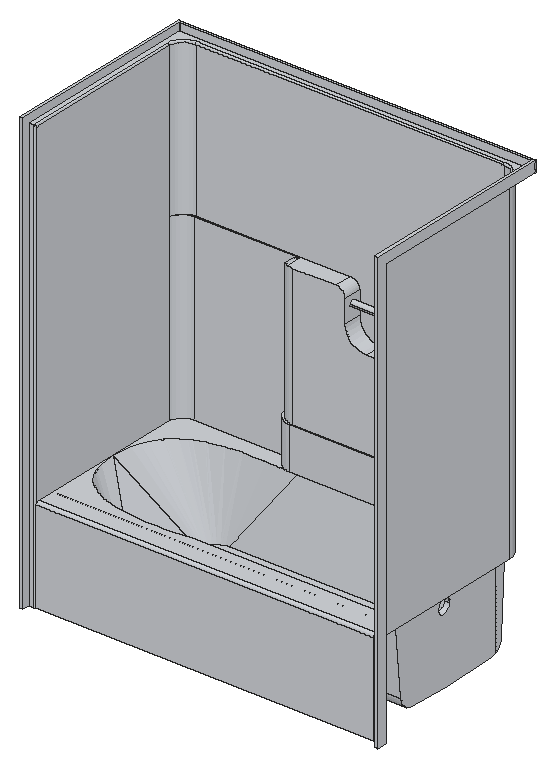
Revit family "OASIS TS-6032 STD", category Plumbing Fixtures, Revit 2013
Parameters (values of type "Base Model, 3SF, 3SM, & FH packages")
  Width [instance] = 5' - 0"
  Waste Connection = no
  URL = "www.oasisbath.com"
  Type Comments = "TUB/SHOWER"  # constant formula
  Stainless Steel = none
  Seat Finish = none
  Sanitary Connector = "Sanitary Connector"  # constant formula
  Product Documentation Link [instance] = "www.oasisbath.com"
  Model = "TS-6032 STD/(3SF,3SM,FH)"
  Manufacturer = "OASIS"  # constant formula
  Hot Water Connector = "Hot Water Connector"  # constant formula
  Grab Bar Finish = none
  Depth [instance] = 2' - 9 1/4"
  Height [instance] = 6' - 1 3/4"
  Color = none
  Cold Water Connector = "Cold Water Connector"  # constant formula
  Bar_Vert = no
  Bar_Horz_Right = no
  Bar_Horz_Left = no
  Bar_Horz_Back_Low = no
  Bar_Horz_Back_High = no
  BIM Model By = "www.epoch-design.com"
Types (5): name | Model | Bar_Vert | Bar_Horz_Right | Bar_Horz_Left | Bar_Horz_Back_Low | Bar_Horz_Back_High
  Base Model, 3SF, 3SM, & FH packages | "TS-6032 STD/(3SF,3SM,FH)" | no | no | no | no | no
  4BAR package | "TS-6032 STD/4BAR" | no | yes | yes | yes | yes
  5BAR package | "TS-6032 STD/5BAR" | yes | yes | yes | yes | yes
  BP1-60 package | "TS-6032 STD/BP1-60" | no | yes | no | no | yes
  BP2-60 package | "TS-6032 STD/BP2-60" | yes | yes | no | no | yes
Reference planes (in)
  plane 1 "Floor": z = 0
  plane 2 "Center (Left/Right)": x = 0
  plane 3 "Back": y = 0
Forms (in)
  Blend 1, void
    base sketch origin (0, 0, 1.75) x (-1, 0, 0) y (0, -1, 0)
      loop
        line (19.370219, 9.375) -> (19.370219, 22.5016453)
        arc (19.370219, 22.5016453) -> (18.4915393, 24.6229657) -> (16.370219, 25.5016453) r 3
        line (16.370219, 25.5016453) -> (-22.625, 25.5016453)
        arc (-22.625, 25.5016453) -> (-24.7463203, 24.6229657) -> (-25.625, 22.5016453) r 3
        line (-25.625, 22.5016453) -> (-25.625, 9.375)
        arc (-25.625, 9.375) -> (-24.7463203, 7.2536797) -> (-22.625, 6.375) r 3
        line (-22.625, 6.375) -> (16.370219, 6.375)
        arc (16.370219, 6.375) -> (18.4915393, 7.2536797) -> (19.370219, 9.375) r 3
    top sketch origin (0, 0, 16) x (-1, 0, 0) y (0, -1, 0)
      loop
        spline (6.0306169, 5) -> (9.923935, 4.7916145) -> (12.9795548, 4.6981017) -> (15.3871086, 4.7252449) -> (17.3362286, 4.8788275) -> (19.0165473, 5.1646326) -> (20.6176968, 5.5884435) -> (22.3008574, 6.1681497) -> (24.0123435, 7.0130654) -> (25.6003412, 8.2742581) -> (26.9125328, 10.1030096) -> (27.7966012, 12.6506016) -> (28.1002287, 16.0683157)
        spline (28.1002287, 16.0683157) -> (27.8193893, 19.0057558) -> (27.0499586, 21.2925733) -> (25.901568, 23.0338683) -> (24.4838487, 24.334741) -> (22.9064322, 25.3002914) -> (21.2764388, 26.0345227) -> (19.6010443, 26.597768) -> (17.7562271, 26.9930353) -> (15.6090585, 27.2194406) -> (13.0266101, 27.2760999) -> (9.8759531, 27.1621295) -> (6.0241589, 26.8766453)
        line (6.0241589, 26.8766453) -> (-25.5, 26.8766453)
        arc (-25.5, 26.8766453) -> (-27.267767, 26.1444123) -> (-28, 24.3766453) r 2.5
        line (-28, 24.3766453) -> (-28, 6.5)
        arc (-28, 6.5) -> (-27.5606602, 5.4393398) -> (-26.5, 5) r 1.5
        line (-26.5, 5) -> (6.0306169, 5)
    from 0.5 to 0
  Extrusion 2, solid, detail levels medium+fine
    sketch origin (0, 0, 0) x (1, 0, 0) y (0, 1, 0)
      loop
        line (28.375, -32) -> (28.375, -6.4919097) -> (28.375, -4.125)
        arc (28.375, -4.125) -> (27.642767, -2.357233) -> (25.875, -1.625) r 2.5
        line (25.875, -1.625) -> (-25.870219, -1.625)
        arc (-25.870219, -1.625) -> (-27.6379859, -2.357233) -> (-28.370219, -4.125) r 2.5
        line (-28.370219, -4.125) -> (-28.370219, -32) -> (28.375, -32)
    from 0 to 16
  Extrusion 3, solid, detail levels medium+fine
    sketch origin (0, 0, 0) x (1, 0, 0) y (0, 1, 0)
      loop
        arc (-28.370219, -4.125) -> (-27.6379859, -2.357233) -> (-25.870219, -1.625) r 2.5
        line (-25.870219, -1.625) -> (25.875, -1.625)
        arc (25.875, -1.625) -> (27.642767, -2.357233) -> (28.375, -4.125) r 2.5
        line (28.375, -4.125) -> (28.375, -6.4919097) -> (28.375, -31.75)
        arc (28.375, -31.75) -> (28.4482233, -31.9267767) -> (28.625, -32) r 0.25
        line (28.625, -32) -> (29.5, -32) -> (29.5, -33.25) -> (30, -33.25) -> (30, -31.5) -> (28.875, -31.5) -> (28.875, -4.125)
        arc (28.875, -4.125) -> (27.9963203, -2.0036797) -> (25.875, -1.125) r 3
        line (25.875, -1.125) -> (-25.875, -1.125)
        arc (-25.875, -1.125) -> (-27.9963203, -2.0036797) -> (-28.875, -4.125) r 3
        line (-28.875, -4.125) -> (-28.875, -31.5) -> (-30, -31.5) -> (-30, -33.25) -> (-29.5, -33.25) -> (-29.5, -32) -> (-28.620219, -32)
        arc (-28.620219, -32) -> (-28.4434423, -31.9267767) -> (-28.370219, -31.75) r 0.25
        line (-28.370219, -31.75) -> (-28.370219, -4.125)
    from 0 to 72.5
  Extrusion 4, solid, detail levels medium+fine
    sketch origin (0, 0, 72.5) x (-1, 0, 0) y (0, -1, 0)
      loop
        line (30, 33.25) -> (29.5, 33.25) -> (29.5, 0.625)
        arc (29.5, 0.625) -> (29.4633883, 0.5366117) -> (29.375, 0.5) r 0.125
        line (29.375, 0.5) -> (-29.375, 0.5)
        arc (-29.375, 0.5) -> (-29.4633883, 0.5366117) -> (-29.5, 0.625) r 0.125
        line (-29.5, 0.625) -> (-29.5, 33.25) -> (-30, 33.25) -> (-30, 0.25)
        arc (-30, 0.25) -> (-29.9267767, 0.0732233) -> (-29.75, 0) r 0.25
        line (-29.75, 0) -> (29.75, 0)
        arc (29.75, 0) -> (29.9267767, 0.0732233) -> (30, 0.25) r 0.25
        line (30, 0.25) -> (30, 33.25)
    from 0 to 1.25
  Sweep 5, void
    path origin (0, 0, 72.5) x (-1, 0, 0) y (0, -1, 0)
      loop
        line (28.370219, 32) -> (28.370219, 4.125)
        arc (28.370219, 4.125) -> (27.6379859, 2.357233) -> (25.870219, 1.625) r 2.5
        line (25.870219, 1.625) -> (-25.875, 1.625)
        arc (-25.875, 1.625) -> (-27.642767, 2.357233) -> (-28.375, 4.125) r 2.5
        line (-28.375, 4.125) -> (-28.375, 6.5050576) -> (-28.375, 32)
    profile origin (-28.370219, -18.0625, 72.5) x (-1, 0, 0) y (0, 0, 1)
      loop
        line (0, 0) -> (0, -0.25)
        arc (0, -0.25) -> (0.0732233, -0.0732233) -> (0.25, 0) r 0.25
        line (0.25, 0) -> (0, 0)
  Extrusion 6, solid, detail levels medium+fine
    sketch origin (0, 0, 72.5) x (-1, 0, 0) y (0, -1, 0)
      loop
        line (28.875, 31.5) -> (28.875, 4.125)
        arc (28.875, 4.125) -> (27.9963203, 2.0036797) -> (25.875, 1.125) r 3
        line (25.875, 1.125) -> (-25.875, 1.125)
        arc (-25.875, 1.125) -> (-27.9963203, 2.0036797) -> (-28.875, 4.125) r 3
        line (-28.875, 4.125) -> (-28.875, 31.5) -> (-30, 31.5) -> (-30, 0.25)
        arc (-30, 0.25) -> (-29.9267767, 0.0732233) -> (-29.75, 0) r 0.25
        line (-29.75, 0) -> (29.75, 0)
        arc (29.75, 0) -> (29.9267767, 0.0732233) -> (30, 0.25) r 0.25
        line (30, 0.25) -> (30, 31.5) -> (28.875, 31.5)
    from 0 to -0.5
  Extrusion 7, solid, detail levels medium+fine
    sketch origin (0, -1.625, 0) x (1, 0, 0) y (0, 0, 1)
      loop
        line (28.375, 53.125) -> (13.375, 53.125)
        arc (13.375, 53.125) -> (12.8446699, 52.9053301) -> (12.625, 52.375) r 0.75
        line (12.625, 52.375) -> (12.625, 41.25)
        arc (12.625, 41.25) -> (11.5998737, 38.7751263) -> (9.125, 37.75) r 3.5
        line (9.125, 37.75) -> (5.125, 37.75)
        arc (5.125, 37.75) -> (2.6501263, 38.7751263) -> (1.625, 41.25) r 3.5
        line (1.625, 41.25) -> (1.625, 45)
        arc (1.625, 45) -> (1.1856602, 46.0606602) -> (0.125, 46.5) r 1.5
        line (0.125, 46.5) -> (-8.1265345, 46.5)
        arc (-8.1265345, 46.5) -> (-9.3628863, 45.9878863) -> (-9.875, 44.7515345) r 1.7484655
        line (-9.875, 44.7515345) -> (-9.875, 23) -> (28.375, 23) -> (28.375, 53.125)
    from 0 to 3
  Extrusion 8, solid, detail levels medium+fine
    sketch origin (0, -1.625, 0) x (1, 0, 0) y (0, 0, 1)
      loop
        line (-10.25, 23) -> (-10.25, 16) -> (28.375, 16) -> (28.375, 23) -> (-10.25, 23)
    from 0 to 3.375
  Extrusion 9, void
    sketch origin (0, 0, 16) x (-1, 0, 0) y (0, -1, 0)
      loop
        line (-28.375, 4.125) -> (-28.375, 1.625) -> (-25.875, 1.625)
        arc (-25.875, 1.625) -> (-27.642767, 2.357233) -> (-28.375, 4.125) r 2.5
    from 0 to 37.125
  Extrusion 10, void
    sketch origin (0, 0, 16) x (-1, 0, 0) y (0, -1, 0)
      loop
        arc (7.125, 4.625) -> (9.0695436, 3.8195436) -> (9.875, 1.875) r 2.75
        line (9.875, 1.875) -> (9.875, 4.625) -> (7.125, 4.625)
    from 7 to 30.5
  Extrusion 11, void
    sketch origin (0, 0, 16) x (-1, 0, 0) y (0, -1, 0)
      loop
        line (10.25, 2.1265019) -> (10.25, 5) -> (7.3765019, 5)
        arc (7.3765019, 5) -> (9.4083719, 4.1583719) -> (10.25, 2.1265019) r 2.8734981
    from 0 to 7
  Extrusion 12, solid, detail levels medium+fine
    sketch origin (0, 0, 16) x (-1, 0, 0) y (0, -1, 0)
      loop
        line (7.875, 1.625) -> (25.870219, 1.625)
        arc (25.870219, 1.625) -> (27.6379859, 2.357233) -> (28.370219, 4.125) r 2.5
        arc (28.370219, 4.125) -> (27.4661888, 2.59996) -> (25.7979365, 2) r 2.6193557
        line (25.7979365, 2) -> (7.875, 2) -> (7.875, 1.625)
    from 0 to 30.5
  Sweep 13, solid, detail levels fine
    path origin (0, 0, 43.75) x (-1, 0, 0) y (0, -1, 0)
      loop
        line (-1.4576168, 3.125) -> (-12.5687353, 3.125)
    profile origin (7.013176, -3.125, 43.75) x (0, 1, 0) y (0, 0, 1)
      loop
        circle (0, 0) r 0.5
  Extrusion 14, void
    sketch origin (-29.9999655, 0, 0) x (0, 1, 0) y (0, 0, 1)
      loop
        line (-31.5, 0) -> (0, 0) -> (0, 15.25) -> (-4.7916071, 15.25) -> (-5.4398399, 3.8795499)
        arc (-5.4398399, 3.8795499) -> (-6.1136778, 2.3983613) -> (-7.6100309, 1.7589046) r 2.25
        line (-7.6100309, 1.7589046) -> (-17.2055364, 1.4339149) -> (-24.2174004, 1.760492)
        arc (-24.2174004, 1.760492) -> (-25.6677778, 2.3819265) -> (-26.3533663, 3.8031036) r 2.25
        line (-26.3533663, 3.8031036) -> (-27.3796301, 15.0227724)
        arc (-27.3796301, 15.0227724) -> (-27.4600576, 15.1846525) -> (-27.6285908, 15.25) r 0.25
        line (-27.6285908, 15.25) -> (-31.5, 15.25) -> (-31.5, 0)
    from 0 to 59.9999311
  Extrusion 15, void
    sketch origin (-29.9999655, 0, 0) x (0, 1, 0) y (0, 0, 1)
      loop
        line (-31.6112695, 15.25) -> (-31.6112695, 0) -> (0, 0) -> (0, 15.25) -> (-31.6112695, 15.25)
    from 0 to 4.5
  Extrusion 16, void
    sketch origin (29.9999655, 0, 0) x (0, 1, 0) y (0, 0, 1)
      loop
        line (-31.6112695, 0) -> (-1.5614358, 0) -> (-1.3961296, 15.25) -> (-31.6112695, 15.25) -> (-31.6112695, 0)
    from 0 to -4.0116004
  Extrusion 17, void
    sketch origin (28.375, 0, 0) x (0, 1, 0) y (0, 0, 1)
      loop
        line (-32, 16) -> (-32, 15.5)
        arc (-32, 15.5) -> (-31.8535534, 15.8535534) -> (-31.5, 16) r 0.5
        line (-31.5, 16) -> (-32, 16)
    from 0 to -56.75
  Extrusion 18, void
    sketch origin (0, 0, 1.75) x (-1, 0, 0) y (0, -1, 0)
      loop
        circle (-20.9134414, 17.375) r 1
    from 0.5 to -0.3160851
  Extrusion 19, void
    sketch origin (28.375, 0, 0) x (0, 1, 0) y (0, 0, 1)
      loop
        circle (-17.375, 13.75) r 1.25
    from 0 to -1.1498044
  Extrusion 20, solid, detail levels coarse
    sketch origin (0, 0, 1.75) x (-1, 0, 0) y (0, -1, 0)
      loop
        line (29.9999655, 0) -> (29.9999655, 33.25) -> (-29.9999655, 33.25) -> (-29.9999655, 0) -> (29.9999655, 0)
    from -1.75 to 72
Cuts and joins
  Blend 1, Extrusion 10, Extrusion 14, Extrusion 17, Extrusion 18, Extrusion 19 cuts Extrusion 2
  Sweep 5, Extrusion 10, Extrusion 14, Extrusion 15, Extrusion 16 cuts Extrusion 3
  Extrusion 10, Extrusion 15 cuts Extrusion 4
  Extrusion 10, Extrusion 15 cuts Extrusion 6
  Extrusion 9, Extrusion 10, Extrusion 15 cuts Extrusion 7
  Extrusion 9, Extrusion 10, Extrusion 11, Extrusion 15 cuts Extrusion 8
  Extrusion 15 cuts Extrusion 12
  joined: Extrusion 3, Extrusion 4, Extrusion 6, Extrusion 7, Extrusion 8, Extrusion 12
Lines and regions (in)
  symbolic lines, detail levels medium+fine
    curve 1: line (22.625, -6.375, 0) -> (-16.370219, -6.375, 0)
    curve 2: line (-16.370219, -25.5016453, 0) -> (22.625, -25.5016453, 0)
    curve 3: line (25.625, -22.5016453, 0) -> (25.625, -9.375, 0)
    curve 9: line (-19.370219, -9.375, 0) -> (-19.370219, -22.5016453, 0)
    curve 10: arc (-19.370219, -9.375, 0) -> (-18.4915393, -7.2536797, 0) -> (-16.370219, -6.375, 0) r 3
    curve 11: arc (-19.370219, -22.5016453, 0) -> (-18.4915393, -24.6229657, 0) -> (-16.370219, -25.5016453, 0) r 3
    curve 12: arc (22.625, -6.375, 0) -> (24.7463203, -7.2536797, 0) -> (25.625, -9.375, 0) r 3
    curve 13: arc (25.625, -22.5016453, 0) -> (24.7463203, -24.6229657, 0) -> (22.625, -25.5016453, 0) r 3
    curve 14: line (-25.870219, -1.625, 0) -> (25.875, -1.625, 0)
    curve 15: line (-28.370219, -32, 0) -> (-28.370219, -4.125, 0)
    curve 16: line (28.375, -32, 0) -> (28.375, -6.2419097, 0)
    curve 17: arc (-28.370219, -4.125, 0) -> (-27.6379859, -2.357233, 0) -> (-25.870219, -1.625, 0) r 2.5
    curve 18: arc (25.875, -1.625, 0) -> (27.642767, -2.357233, 0) -> (28.375, -4.125, 0) r 2.5
    curve 19: line (-6.0241589, -26.8766453, 0) -> (25.5, -26.8766453, 0)
    curve 20: line (-6.0306169, -5, 0) -> (26.5, -5, 0)
    curve 21: line (28, -6.5, 0) -> (28, -24.3766453, 0)
    curve 23: arc (26.5, -5, 0) -> (27.5606602, -5.4393398, 0) -> (28, -6.5, 0) r 1.5
    curve 24: line (-29.5, -0.5, 0) -> (29.5, -0.5, 0)
    curve 25: line (-29.5, -33.25, 0) -> (-29.5, -0.5, 0)
    curve 26: line (28.375, -32, 0) -> (-28.370219, -32, 0)
    curve 27: line (29.5, -0.5, 0) -> (29.5, -33.25, 0)
    curve 31: line (30, -33.25, 0) -> (29.5, -33.25, 0)
    curve 32: line (-30, -33.25, 0) -> (-29.5, -33.25, 0)
    curve 33: line (-6.0306169, -5, 0) -> (-28.1002287, -16.0683157, 0)
    curve 34: line (-6.0241589, -26.8766453, 0) -> (-28.1002287, -16.0683157, 0)
    curve 35: arc (25.5, -26.8766453, 0) -> (27.267767, -26.1444123, 0) -> (28, -24.3766453, 0) r 2.5
    curve 36: circle (20.9014237, -17.375, 0) r 1 normal (0, 0, 1)
    curve 37: spline (27.2371319, -18.625, 0) -> (27.3294638, -18.5824073, 0) -> (27.4155034, -18.4575318, 0) -> (27.4893873, -18.2588835, 0) -> (27.5460804, -18, 0) -> (27.5817192, -17.6985238, 0) -> (27.5938749, -17.375, 0) -> (27.5817192, -17.0514762, 0) -> (27.5460804, -16.75, 0) -> (27.4893873, -16.4911165, 0) -> (27.4155034, -16.2924682, 0) -> (27.3294638, -16.1675927, 0) -> (27.2371319, -16.125, 0) -> (27.1448, -16.1675927, 0) -> (27.0587604, -16.2924682, 0) -> (26.9848765, -16.4911165, 0) -> (26.9281834, -16.75, 0) -> (26.8925446, -17.0514762, 0) -> (26.8803889, -17.375, 0) -> (26.8925446, -17.6985238, 0) -> (26.9281834, -18, 0) -> (26.9848765, -18.2588835, 0) -> (27.0587604, -18.4575318, 0) -> (27.1448, -18.5824073, 0) -> (27.2371319, -18.625, 0)
    curve 38: line (28.375, -4.125, 0) -> (28.375, -6.2419097, 0)
    curve 41: line (29.9999655, 0, 73.75) -> (29.9999655, 0, 72.5)
    curve 42: line (29.9999655, -0.7755539, 72.5) -> (29.9999655, -32, 72.5)
    curve 43: line (29.9999655, -32, 72.5) -> (29.9999655, -32, 0)
    curve 44: line (29.9999655, -32, 0) -> (29.9999655, -33.25, 0)
    curve 45: line (29.9999655, -5.5000672, 16) -> (29.9999655, -27.6285908, 16)
    curve 48: line (29.9999655, -6.1886241, 3.9222383) -> (29.9999655, -5.5000672, 16)
    curve 49: line (29.9999655, -0.7755539, 72.5) -> (29.9999655, -1.3879998, 16)
    curve 50: line (29.9999655, -25.6064842, 3.8714209) -> (29.9999655, -26.6327481, 15.0910898)
    curve 53: line (29.9999655, -1.3879998, 16) -> (29.9999655, -5.5000672, 16)
    curve 54: line (29.9999655, -15.4577697, 1.75) -> (29.9999655, -17.7425122, 1.75)
    curve 55: line (29.9999655, -18.224708, 2.2321958) -> (29.9999655, -17.7425122, 1.75)
    curve 56: line (29.9999655, -14.946928, 2.2608416) -> (29.9999655, -15.4577697, 1.75)
    curve 57: line (29.9999655, -7.6354181, 2.5084748) -> (29.9999655, -14.946928, 2.2608416)
    curve 58: line (29.9999655, -24.182507, 2.5096799) -> (29.9999655, -18.224708, 2.2321958)
    curve 59: arc (29.9999655, -6.1886241, 3.9222383) -> (29.9999655, -6.6378494, 2.9347792) -> (29.9999655, -7.6354181, 2.5084748) r 1.5
    curve 60: arc (29.9999655, -24.182507, 2.5096799) -> (29.9999655, -25.1494253, 2.9239696) -> (29.9999655, -25.6064842, 3.8714209) r 1.5
    curve 61: line (29.9999655, -27.6285908, 16) -> (29.9999655, -32, 16)
    curve 63: circle (29.9999655, -17.375, 13.75) r 1.25 normal (-1, 0, 0)
    curve 64: arc (29.9999655, -26.6327481, 15.0910898) -> (29.9999655, -26.954458, 15.7386101) -> (29.9999655, -27.6285908, 16) r 1
    curve 67: line (29.9999655, 0, 72.5) -> (29.9999655, -0.7755539, 72.5)
    curve 69: line (-29.4999655, 0, 72.5) -> (29.4999655, 0, 72.5)
    curve 70: line (-29.9999655, 0, 0) -> (-29.9999655, 0, 73.75)
    curve 71: line (-28.375, 0, 16.6330663) -> (-28.375, 0, 72.5)
    curve 72: line (28.375, 0, 72.5) -> (28.375, 0, 16.75)
    curve 80: line (-29.4999655, 0, 73.75) -> (-29.4999655, 0, 0)
    curve 83: line (29.4999655, 0, 73.75) -> (29.4999655, 0, 0.016059)
    curve 87: line (-27.7419337, 0, 16) -> (-10.1168843, 0, 16)
    curve 93: arc (-27.7419337, 0, 16) -> (-28.1895792, 0, 16.1854208) -> (-28.375, 0, 16.6330663) r 0.6330663
    curve 96: line (-9.8199032, 0, 16) -> (27.625, 0, 16)
    curve 98: arc (27.625, 0, 16) -> (28.1553301, 0, 16.2196699) -> (28.375, 0, 16.75) r 0.75
    curve 101: line (28.375, -32, 0) -> (29.5, -32, 0)
    curve 102: line (-28.370219, -32, 0) -> (-29.5, -32, 0)
  symbolic lines, detail levels fine
    curve 4: line (26.6300682, -4.625, 0) -> (-7.125, -4.625, 0)
    curve 5: line (1.4576168, -1.625, 0) -> (1.4576168, -4.625, 0)
    curve 6: line (12.5687353, -1.625, 0) -> (12.5687353, -4.625, 0)
    curve 7: line (1.4576168, -2.75, 0) -> (12.5687353, -2.75, 0)
    curve 8: line (1.4576168, -3.75, 0) -> (12.5687353, -3.75, 0)
    curve 22: arc (26.6300682, -4.625, 0) -> (27.8195202, -5.0913708, 0) -> (28.375, -6.2419097, 0) r 1.75
    curve 46: line (29.9999655, -1.0573874, 46.5) -> (29.9999655, -4.625, 46.5)
    curve 47: line (29.9999655, -4.625, 46.5) -> (29.9999655, -4.625, 23)
    curve 51: line (29.9999655, -1.3121216, 23) -> (29.9999655, -5.100995, 23)
    curve 52: line (29.9999655, -5.100995, 23) -> (29.9999655, -5.5000672, 16)
    curve 62: line (29.9999655, -1.0573874, 46.5) -> (29.9999655, -4.625, 46.5)
    curve 65: circle (29.9999655, -3.125, 43.75) r 0.5 normal (-1, 0, 0)
    curve 66: line (29.9999655, -1.1522352, 37.75) -> (29.9999655, -4.625, 37.75)
    curve 73: line (28.375, 0, 53.125) -> (13.375, 0, 53.125)
    curve 74: line (12.625, 0, 52.375) -> (12.625, 0, 41.25)
    curve 75: line (9.125, 0, 37.75) -> (5.125, 0, 37.75)
    curve 76: line (0.125, 0, 46.5) -> (-8.1265345, 0, 46.5)
    curve 77: line (-9.875, 0, 44.7515345) -> (-9.875, 0, 23)
    curve 78: line (-10.25, 0, 23) -> (28.375, 0, 23)
    curve 84: line (12.625, 0, 44.25) -> (1.625, 0, 44.25)
    curve 85: line (12.625, 0, 43.25) -> (1.625, 0, 43.25)
    curve 86: line (1.625, 0, 41.25) -> (1.625, 0, 45)
    curve 88: arc (-8.1265345, 0, 46.5) -> (-9.3628863, 0, 45.9878863) -> (-9.875, 0, 44.7515345) r 1.7484655
    curve 89: arc (1.625, 0, 45) -> (1.1856602, 0, 46.0606602) -> (0.125, 0, 46.5) r 1.5
    curve 90: arc (1.625, 0, 41.25) -> (2.6501263, 0, 38.7751263) -> (5.125, 0, 37.75) r 3.5
    curve 91: arc (12.625, 0, 41.25) -> (11.5998737, 0, 38.7751263) -> (9.125, 0, 37.75) r 3.5
    curve 92: arc (12.625, 0, 52.375) -> (12.8446699, 0, 52.9053301) -> (13.375, 0, 53.125) r 0.75
    curve 94: line (-8.1265345, 0, 46.5) -> (-28.375, 0, 46.5)
    curve 95: line (-10.25, 0, 23) -> (-10.25, 0, 16)
    curve 97: line (6.7324499, 0, 2.5716171) -> (29.4999655, 0, 2.5716171)
    curve 99: arc (3.3680339, 0, 5.1068864) -> (4.6260973, 0, 3.2763928) -> (6.7324499, 0, 2.5716171) r 3.5
    curve 100: line (-28.375, 0, 18.1621254) -> (-27.2714846, 0, 16)
    curve 103: line (-9.875, -1.875, 0) -> (-9.875, -1.625, 0)
    curve 104: arc (-7.125, -4.625, 0) -> (-9.0695436, -3.8195436, 0) -> (-9.875, -1.875, 0) r 2.75
    curve 105: line (3.3680339, 0, 5.1068864) -> (3.100464, 0, 6.0400136)
    curve 106: arc (-10.1168843, 0, 16) -> (-1.8419278, 0, 13.2312383) -> (3.100464, 0, 6.0400136) r 13.75
  symbolic lines
    curve 28: line (-30, -33.25, 0) -> (-30, 0, 0)
    curve 29: line (-30, 0, 0) -> (30, 0, 0)
    curve 30: line (30, 0, 0) -> (30, -33.25, 0)
    curve 39: line (29.9999655, -33.25, 0) -> (29.9999655, -33.25, 73.75)
    curve 40: line (29.9999655, -33.25, 73.75) -> (29.9999655, 0, 73.75)
    curve 68: line (-29.9999655, 0, 73.75) -> (29.9999655, 0, 73.75)
    curve 79: line (29.9999655, 0, 0) -> (-29.9999655, 0, 0)
    curve 81: line (-29.9999655, 0, 0) -> (-29.9999655, 0, 73.75)
    curve 82: line (29.9999655, 0, 73.75) -> (29.9999655, 0, 0)
  symbolic lines, style "PlumbingFixturesHiddenLines", detail levels coarse
    curve 107: line (-29.9999655, 0, 73.75) -> (29.9999655, 0, 0)
    curve 108: line (29.4999655, 0, 73.75) -> (-29.9999655, 0, 0)
    curve 109: line (29.9999655, -33.25, 73.75) -> (29.9999655, 0, 0)
    curve 110: line (29.9999655, 0, 73.75) -> (29.9999655, -33.25, 0)
    curve 111: line (-29.9999655, 0, 1.75) -> (30, -33.25, 1.75)
    curve 112: line (29.9999655, 0, 1.75) -> (-29.9999655, -33.25, 1.75)
  symbolic lines, detail levels coarse
    curve 113: line (30, -33.25, 0) -> (-30, -33.25, 0)
  symbolic lines, style "PlumbingFixtures", detail levels coarse
    curve 114: line (0, -33.25, 0) -> (0, 0, 0)
    curve 115: line (0, 0, 0) -> (0, 0, 73.75)
Dimensions and locks (in)
  aligned and locked: level to plane 1 "Floor"
  aligned and locked: Blend 1 sketch curve to curve 10
  aligned and locked: Blend 1 sketch curve to curve 12
  aligned and locked: Blend 1 sketch curve to curve 13
  aligned and locked: Blend 1 sketch curve to curve 11
  aligned and locked: Blend 1 sketch curve to curve 23
  aligned and locked: Blend 1 sketch curve to curve 35
  aligned and locked: Extrusion 2 sketch curve to curve 17
  aligned and locked: Extrusion 2 sketch curve to curve 18
  aligned and locked: Extrusion 3 sketch curve to cut or joined group of Blend 1, Extrusion 2, Extrusion 10, Extrusion 14, Extrusion 17, Extrusion 18, Extrusion 19  (x2)
  aligned and locked: Sweep 5 sketch curve to Extrusion 3  (x2)
  aligned and locked: Extrusion 6 sketch curve to cut or joined group of Extrusion 3, Extrusion 4, Sweep 5, Extrusion 6, Extrusion 7, Extrusion 8, Extrusion 9, Extrusion 10, Extrusion 11, Extrusion 12, Extrusion 14, Extrusion 15, Extrusion 16  (x4)
  aligned and locked: Extrusion 7 sketch curve to curve 92
  aligned and locked: Extrusion 7 sketch curve to curve 91
  aligned and locked: Extrusion 7 sketch curve to curve 90
  aligned and locked: Extrusion 7 sketch curve to curve 89
  aligned and locked: Extrusion 7 sketch curve to curve 88
  aligned and locked: Extrusion 9 sketch curve to cut or joined group of Blend 1, Extrusion 2, Extrusion 10, Extrusion 14, Extrusion 17, Extrusion 18, Extrusion 19
  aligned and locked: Extrusion 10 sketch curve to curve 104
  aligned and locked: Extrusion 11 to curve 77
  aligned and locked: Extrusion 12 sketch curve to cut or joined group of Blend 1, Extrusion 2, Extrusion 10, Extrusion 14, Extrusion 17, Extrusion 18, Extrusion 19
  aligned and locked: Extrusion 10 to curve 77
  aligned and locked: Extrusion 20 sketch curve to plane 3 "Back"
  aligned and locked: curve 114 to level
  aligned and locked: Extrusion 20 to curve 40
Nested families (in)
  nested 1: "Grab Bar" at (21.125, -4.625, 35) x (1, 0, 0) z (0, -1, 0), visible <- "Bar_Horz_Back_High", type "26" Bar", detail levels fine
  nested 2: "Grab Bar" at (21.125, -4.625, 27.75) x (1, 0, 0) z (0, -1, 0), visible <- "Bar_Horz_Back_Low", type "26" Bar", detail levels fine
  nested 3: "Grab Bar" at (-28.375, -18, 35) x (0, 1, 0) z (1, 0, 0), visible <- "Bar_Horz_Left", type "12" Bar", detail levels fine
  nested 4: "Grab Bar" at (28.375, -28.5, 40.75) x (0, 0, -1) z (-1, 0, 0), visible <- "Bar_Vert", type "26" Bar", detail levels fine
  nested 5: "Grab Bar L" at (28.375, -4.625, 35) x (0, 1, 0) z (-1, 0, 0), visible <- "Bar_Horz_Right", type "24.5" Bar", detail levels fine
  nested 6: "Label Annotation 1-16" at (0, -17.2055364, 0), type "Label Annotation 1-16", detail levels coarse
Connectors (in)
  piping at (20.9134414, -17.375, 2.25), driven by "Sanitary Connector", driven by "Waste Connection"
    settings: on cut or joined group of Blend 1, Extrusion 2, Extrusion 10, Extrusion 14, Extrusion 17, Extrusion 18, Extrusion 19, index 1, connector radius 1", flow factor 0, pipe flow 0 GPM, pressure drop 0.00 psi, fitting loss kfactor 0, connector angle 0.00°, fixture units 0, engagement length 0' - 0", flow configuration 0, flow direction 2, fitting loss method 0, system type 16, joint type 0, gender type 0, connector reference index -1, connector utility 0, adjustable connector no, is connector primary yes, fitting loss table "", connector description "Sanitary Connector"
Definition of nested family "Grab Bar"
  Parameters (values of type "12" Bar")
    Radius = 0' - 0 5/8"
    Length = 1' - 0"
    Default Elevation = 2' - 11"
  Types (3): name | Length
    (no name) | 1' - 0"
    26" Bar | 2' - 2"
    12" Bar | 1' - 0"
  Reference planes (in)
    plane 1 "Center (Front/Back)": y = 0
    plane 2 "Face": z = 0
    plane 3 "Right": x = 0
    plane 4 "Left": x = -12
    plane 5 "Center Line": z = 2
    plane 6: z = 2.625
    plane 7: z = 1.375
    plane 8: x = -12.625
    plane 9: x = -11.375
    plane 10: x = -0.625
    plane 11: x = 0.625
    plane 12: y = 0.625
    plane 13: y = -0.625
  Forms (in)
    Extrusion 1, solid
      sketch origin (0, 0, 0) x (1, 0, 0) y (0, 1, 0)
        loop
          line (-48, 48) -> (-48, -48) -> (48, -48) -> (48, 48) -> (-48, 48)
      from 0 to -12
    Sweep 2, solid, detail levels medium+fine
      path origin (0, 0, 0) x (1, 0, 0) y (0, 0, 1)
        loop
          line (0, 0) -> (0, 1)
          arc (0, 1) -> (-0.2928932, 1.7071068) -> (-1, 2) r 1
          line (-1, 2) -> (-11, 2)
          arc (-11, 2) -> (-11.7071068, 1.7071068) -> (-12, 1) r 1
          line (-12, 1) -> (-12, 0)
      profile origin (-12, 0, 0.5) x (0, -1, 0) y (1, 0, 0)
        loop
          circle (0, 0) r 0.625
  Lines and regions (in)
    symbolic lines
      curve 1: line (0, -0.625, 2.125) -> (0, -0.625, 0)
      curve 2: line (0, 0.625, 2.125) -> (0, 0.625, 0)
      curve 3: line (-11.375, 0, 0) -> (-11.375, 0, 1)
      curve 4: line (-11, 0, 1.375) -> (-1, 0, 1.375)
      curve 5: line (-0.625, 0, 1) -> (-0.625, 0, 0)
      curve 6: line (-11, 0, 2.625) -> (-1, 0, 2.625)
      curve 7: line (0.625, 0, 1) -> (0.625, 0, 0)
      curve 8: line (-12.625, 0, 1) -> (-12.625, 0, 0)
      curve 9: arc (-1, 0, 2.625) -> (0.1490485, 0, 2.1490485) -> (0.625, 0, 1) r 1.625
      curve 10: arc (-1, 0, 1.375) -> (-0.734835, 0, 1.265165) -> (-0.625, 0, 1) r 0.375
      curve 11: arc (-11.375, 0, 1) -> (-11.265165, 0, 1.265165) -> (-11, 0, 1.375) r 0.375
      curve 12: arc (-11, 0, 2.625) -> (-12.1490485, 0, 2.1490485) -> (-12.625, 0, 1) r 1.625
      curve 13: line (-12.125, 0.625, 0) -> (0, 0.625, 0)
      curve 14: line (-12.625, -0.125, 0) -> (-12.625, 0.125, 0)
      curve 15: line (0, -0.625, 0) -> (-12.125, -0.625, 0)
      curve 16: arc (-12.625, 0.125, 0) -> (-12.4785534, 0.4785534, 0) -> (-12.125, 0.625, 0) r 0.5
      curve 17: arc (-12.125, -0.625, 0) -> (-12.4785534, -0.4785534, 0) -> (-12.625, -0.125, 0) r 0.5
      curve 18: arc (0, 0.625, 0) -> (0.4419417, 0.4419417, 0) -> (0.625, 0, 0) r 0.625
      curve 19: arc (0.625, 0, 0) -> (0.4419417, -0.4419417, 0) -> (0, -0.625, 0) r 0.625
      curve 20: line (0, -0.125, 2.625) -> (0, 0.125, 2.625)
      curve 21: arc (0, -0.625, 2.125) -> (0, -0.4785534, 2.4785534) -> (0, -0.125, 2.625) r 0.5
      curve 22: arc (0, 0.125, 2.625) -> (0, 0.4785534, 2.4785534) -> (0, 0.625, 2.125) r 0.5
  Dimensions and locks (in)
    "Length": plane 3 "Right" to plane 4 "Left"
    "Radius": plane 4 "Left" to plane 8
    "Radius": plane 9 to plane 4 "Left"
    "Radius": plane 3 "Right" to plane 10
    "Radius": plane 11 to plane 3 "Right"
    "Radius": plane 5 "Center Line" to plane 7
    "Radius": plane 6 to plane 5 "Center Line"
    "Radius": plane 1 "Center (Front/Back)" to plane 13
    "Radius": plane 1 "Center (Front/Back)" to plane 12
    aligned and locked: plane 2 "Face" to Extrusion 1
    aligned and locked: level to Extrusion 1
    aligned and locked: Sweep 2 sketch curve to plane 4 "Left"
    aligned and locked: Sweep 2 sketch curve to plane 5 "Center Line"
    aligned and locked: Sweep 2 sketch curve to plane 3 "Right"
    aligned and locked: curve 8 to plane 8
    aligned and locked: plane 9 to curve 3
    aligned and locked: curve 6 to plane 6
    aligned and locked: curve 4 to plane 7
    aligned and locked: curve 5 to plane 10
    aligned and locked: curve 7 to plane 11
    aligned and locked: curve 13 to plane 12
    aligned and locked: plane 8 to curve 14
    aligned and locked: plane 13 to curve 15
    aligned and locked: curve 1 to plane 13
    aligned and locked: curve 2 to plane 12
    aligned and locked: curve 20 to plane 6
    aligned and locked: Sweep 2 to curve 3
    aligned and locked: curve 5 to Sweep 2
    aligned and locked: level to curve 7
Definition of nested family "Grab Bar L"
  Parameters (values of type "26" Bar")
    Radius = 0' - 0 5/8"
    Length = 2' - 0 1/2"
    Default Elevation = 2' - 11"
  Types (3): name | Length
    (no name) | 2' - 0 1/2"
    26" Bar | 2' - 0 1/2"
    12" Bar | 1' - 0"
  Reference planes (in)
    plane 1 "Center (Front/Back)": y = 0
    plane 2 "Face": z = 0
    plane 3 "Right": x = 0
    plane 4 "Left": x = -24.5
    plane 5 "Center Line": z = 2
    plane 6: z = 2.625
    plane 7: z = 1.375
    plane 8: x = -25.125
    plane 9: x = -23.875
    plane 10: x = -0.625
    plane 11: x = 0.625
    plane 12: y = 0.625
    plane 13: y = -0.625
  Forms (in)
    Extrusion 1, solid
      sketch origin (0, 0, 0) x (1, 0, 0) y (0, 1, 0)
        loop
          line (-48, 48) -> (-48, -48) -> (48, -48) -> (48, 48) -> (-48, 48)
      from 0 to -12
    Sweep 2, solid, detail levels medium+fine
      path origin (0, 0, 0) x (1, 0, 0) y (0, 0, 1)
        loop
          line (0, 2) -> (-23.5, 2)
          arc (-23.5, 2) -> (-24.2071068, 1.7071068) -> (-24.5, 1) r 1
          line (-24.5, 1) -> (-24.5, 0)
      profile origin (-24.5, 0, 0.5) x (0, -1, 0) y (1, 0, 0)
        loop
          circle (0, 0) r 0.625
  Lines and regions (in)
    symbolic lines
      curve 1: line (0, -0.625, 2.125) -> (0, -0.625, 0)
      curve 2: line (0, 0.625, 2.125) -> (0, 0.625, 0)
      curve 3: line (-23.875, 0, 0) -> (-23.875, 0, 1)
      curve 4: line (-23.5, 0, 1.375) -> (0, 0, 1.375)
      curve 5: line (-23.5, 0, 2.625) -> (0, 0, 2.625)
      curve 6: line (-25.125, 0, 1) -> (-25.125, 0, 0)
      curve 7: arc (-23.875, 0, 1) -> (-23.765165, 0, 1.265165) -> (-23.5, 0, 1.375) r 0.375
      curve 8: arc (-23.5, 0, 2.625) -> (-24.6490485, 0, 2.1490485) -> (-25.125, 0, 1) r 1.625
      curve 9: line (-24.625, 0.625, 0) -> (0, 0.625, 0)
      curve 10: line (-25.125, -0.125, 0) -> (-25.125, 0.125, 0)
      curve 11: line (0, -0.625, 0) -> (-24.625, -0.625, 0)
      curve 12: arc (-25.125, 0.125, 0) -> (-24.9785534, 0.4785534, 0) -> (-24.625, 0.625, 0) r 0.5
      curve 13: arc (-24.625, -0.625, 0) -> (-24.9785534, -0.4785534, 0) -> (-25.125, -0.125, 0) r 0.5
      curve 14: line (0, -0.125, 2.625) -> (0, 0.125, 2.625)
      curve 15: arc (0, -0.625, 2.125) -> (0, -0.4785534, 2.4785534) -> (0, -0.125, 2.625) r 0.5
      curve 16: arc (0, 0.125, 2.625) -> (0, 0.4785534, 2.4785534) -> (0, 0.625, 2.125) r 0.5
      curve 17: line (0, 0, 2.625) -> (0, 0, 1.375)
      curve 18: line (0, 0.625, 0) -> (0, -0.625, 0)
  Dimensions and locks (in)
    "Length": plane 3 "Right" to plane 4 "Left"
    "Radius": plane 4 "Left" to plane 8
    "Radius": plane 9 to plane 4 "Left"
    "Radius": plane 3 "Right" to plane 10
    "Radius": plane 11 to plane 3 "Right"
    "Radius": plane 5 "Center Line" to plane 7
    "Radius": plane 6 to plane 5 "Center Line"
    "Radius": plane 1 "Center (Front/Back)" to plane 13
    "Radius": plane 1 "Center (Front/Back)" to plane 12
    aligned and locked: plane 2 "Face" to Extrusion 1
    aligned and locked: level to Extrusion 1
    aligned and locked: Sweep 2 sketch curve to plane 4 "Left"
    aligned and locked: Sweep 2 sketch curve to plane 5 "Center Line"
    aligned and locked: curve 6 to plane 8
    aligned and locked: plane 9 to curve 3
    aligned and locked: curve 5 to plane 6
    aligned and locked: curve 4 to plane 7
    aligned and locked: curve 9 to plane 12
    aligned and locked: plane 8 to curve 10
    aligned and locked: plane 13 to curve 11
    aligned and locked: curve 1 to plane 13
    aligned and locked: curve 2 to plane 12
    aligned and locked: curve 14 to plane 6
    aligned and locked: curve 17 to plane 3 "Right"
    aligned and locked: curve 17 to Sweep 2 sketch curve
    aligned and locked: curve 18 to plane 3 "Right"
Definition of nested family "Label Annotation 1-16"
  Parameters (values of type "Label Annotation 1-16")
    Label = ""
  Reference planes (in)
    plane 1: y = 0
    plane 2: x = 0
  Text (in)
    label "Label" at (0.0037544, -0.0034533, 0), shows "Label"
